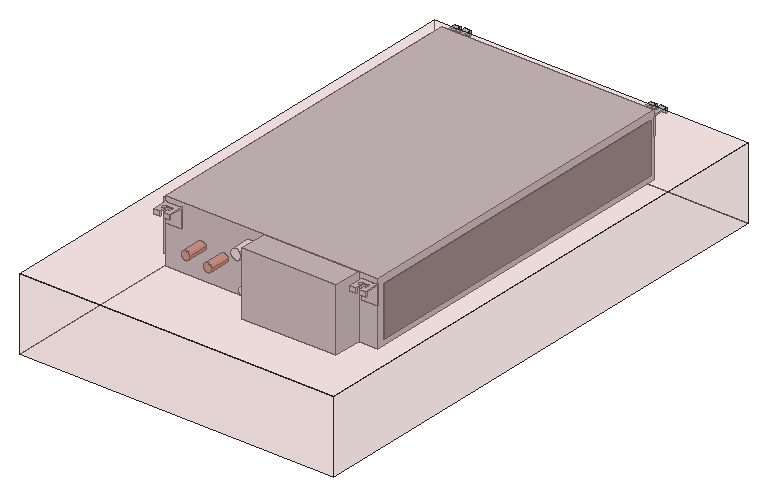
Revit family "PEFY-WP50VMS1-E_Service_Area3", category Mechanical Equipment, host Ceiling, Revit 2012
Parameters (values of type "PEFY-WP50VMS1-E_240V_60Hz")
  Description = "Ceiling concealed"
  Manufacturer = "Mitsubishi Electric Corporation"
  Model = "PEFY-WP50VMS1-E"
  Width = 1190 mm
  Water Pipe_radius (To HBC Unit) = 13.2 mm
  Water Pipe_radius (From HBC Unit) = 13.2 mm
  WarrantyStart = ""
  Voltage = 240 V
  Unit Weight (kg) = 27
  URL = "http://www.mitsubishielectric.com/"
  TagNumber = 0
  Subcategory = "HVAC"
  Space View = yes
  Sound Pressure Level_Mid (dB(A)) = 33
  Sound Pressure Level_Low (dB(A)) = 30
  Sound Pressure Level_High (dB(A)) = 36
  SerialNumber = 0
  ReplacementYear = ""
  Protection Device = "Fuse"
  Phase = 1
  Maximum Circuit Ampacity (A) = 1.07
  InstallationDate = ""
  Hertz = 60 Hz
  Height = 200 mm
  Heating Power Input (kW) = 0.07
  Heating Current (A) = 0.66
  Heating Capacity (kW) = 6.3
  Fan_Type = "Sirocco fan"
  Fan_Quantity = 4
  Fan Motor Output (kW) = 0.096
  External_static_pressure (Pa) = "5-15-35-50"
  External Finish = "Galvanized steel plate"
  Equip_description = ""
  Equip_No. = 0
  Equip_ID = ""
  Drain pipe2_radius = 16 mm
  Drain pipe1_radius = 16 mm
  Description = ""
  Depth = 700 mm
  CreatedOn = ""
  CreatedBy = ""
  Cooling Power Input (kW) = 0.09
  Cooling Current (A) = 0.77
  Cooling Capacity (kW) = 5.6
  Category = ""
  Barcode = ""
  AssetIdentifier = ""
  Airflow Rate_Mid (m3/min) = 14
  Airflow Rate_Mid (m3/h) = 840
  Airflow Rate_Low (m3/min) = 12
  Airflow Rate_Low (m3/h) = 720
  Airflow Rate_High (m3/min) = 16.5
  Airflow Rate_High (m3/h) = 990
Types (6, lengths in mm): name | Voltage | Maximum Circuit Ampacity (A) | Hertz
  PEFY-WP50VMS1-E_220V_50Hz | 220 V | 1.08 | 50 Hz
  PEFY-WP50VMS1-E_220V_60Hz | 220 V | 1.07 | 60 Hz
  PEFY-WP50VMS1-E_230V_50Hz | 230 V | 1.08 | 50 Hz
  PEFY-WP50VMS1-E_230V_60Hz | 230 V | 1.07 | 60 Hz
  PEFY-WP50VMS1-E_240V_50Hz | 240 V | 1.08 | 50 Hz
  PEFY-WP50VMS1-E_240V_60Hz | 240 V | 1.07 | 60 Hz
Reference planes
  plane 1 "Center (Front/Back)": y = 0
  plane 2: z = 0
  plane 3 "Center (Left/Right)": x = 0
  plane 4 "Ceiling": z = 4030
  plane 5: z = 4050
  plane 6: z = 4250
  plane 7: y = -550
  plane 8: y = 350
  plane 9: y = 550
  plane 10: z = 4235
  plane 11: x = 325
  plane 12: x = 350
  plane 13: x = -300
  plane 14: x = -350
  plane 15: z = 4230
  plane 16: x = -57
  plane 17: z = 4202
  plane 18: z = 4080
  plane 19: x = -211
  plane 20: x = -141
  plane 21: z = 4148
  plane 22: z = 4138
  plane 23: y = -450
  plane 24: y = -430
  plane 25: y = -530
  plane 26: y = -640
Forms (mm)
  Extrusion 1, solid, material "Plated steel"
    sketch origin (88.259, -137.375, 3750) x (1, 0, 0) y (0, 1, 0)
      loop
        line (-415.259, 687.375) -> (-415.259, -412.625) -> (261.741, -412.625) -> (261.741, 687.375) -> (-415.259, 687.375)
    from 300 to 500
  Extrusion 2, solid, material "Service space", visible <- "Space View"
    sketch origin (-2000, 6100, 4050) x (0, 1, 0) y (1, 0, 0)
      loop
        line (-7200, 1650) -> (-5550, 1650) -> (-5550, 2650) -> (-7200, 2650) -> (-7200, 1650)
    from 20 to -210
  Extrusion 3, solid
    sketch origin (0, 200, 0) x (0, 1, 0) y (0, 0, 1)
      loop
        line (-730, 4230) -> (-730, 4071) -> (330, 4071) -> (330, 4230) -> (-730, 4230)
    from 350 to 355
  Extrusion 4, solid
    sketch origin (-350, 200, 4250) x (0, 0, 1) y (0, -1, 0)
      loop
        line (-20, 730) -> (-179, 730) -> (-179, -330) -> (-20, -330) -> (-20, 730)
    from 0 to 23
  Extrusion 5, solid
    sketch origin (794.259, -550, 3750) x (-1, 0, 0) y (0, 0, -1)
      loop
        circle (851.259, -452) r 16
    from 0 to 57
  Extrusion 6, solid
    sketch origin (794.259, -550, 3750) x (-1, 0, 0) y (0, 0, -1)
      loop
        circle (851.259, -330) r 16
    from 0 to 25
  Extrusion 7, solid
    sketch origin (794.259, -550, 3750) x (-1, 0, 0) y (0, 0, -1)
      loop
        line (505.751, -500) -> (805.751, -500) -> (805.751, -300) -> (505.751, -300) -> (505.751, -500)
    from 0 to 90
  Extrusion 8, solid
    sketch origin (794.259, -550, 3750) x (-1, 0, 0) y (0, 0, -1)
      loop
        circle (1005.259, -398) r 13.2
      loop
        circle (935.259, -388) r 13.2
    from 0 to 64
Lines and regions (mm)
  model lines, visible <- "Space View"
    curve 1: line (-400, 600, 4030) -> (377, 600, 4030)
    curve 2: line (-400, -1100, 4030) -> (-400, 600, 4030)
    curve 3: line (377, -1100, 4030) -> (-400, -1100, 4030)
    curve 4: line (377, 600, 4030) -> (377, -1100, 4030)
Dimensions and locks
  equal spacing: host sketch curve, plane 3 "Center (Left/Right)", host sketch curve
  equal spacing: host sketch curve, plane 1 "Center (Front/Back)", host sketch curve
  host sketch curve to host sketch curve = 4000 mm  (x2)
  locked: plane 4 "Ceiling" to host ceiling at 0
  Extrusion 1 to Extrusion 1 = 1100 mm
  Extrusion 1 to plane 1 "Center (Front/Back)" = 550 mm
  plane 5 to Extrusion 1 = 200 mm
  plane 6 to plane 5 = 200 mm
  plane 4 "Ceiling" to plane 5 = 20 mm
  Extrusion 1 to Extrusion 1 = 677 mm
  plane 7 to plane 9 = 1100 mm
  locked: plane 10 to plane 6 at 15
  locked: plane 15 to plane 6 at 20
  locked: Extrusion 3 to plane 15 at 159
  locked: Extrusion 4 to plane 15 at 159
  plane 6 to plane 17 to plane 18 = 48 mm locked, 122 mm locked
  locked: Extrusion 7 to Extrusion 7 at 200
  plane 6 to plane 21 to plane 22 = 102 mm locked, 10 mm locked
  plane 14 to curve 4 = 727 mm
  aligned and locked: plane 5 to Extrusion 1
  aligned and locked: Extrusion 1 to plane 6
  aligned and locked: plane 7 to Extrusion 1
  aligned and locked: plane 9 to Extrusion 1
  aligned and locked: nested 1 to Extrusion 1
  aligned and locked: nested 1 to plane 13
  aligned and locked: nested 1 to plane 10
  aligned and locked: nested 2 to plane 10
  aligned and locked: plane 10 to nested 4
  aligned and locked: plane 10 to nested 3
  aligned and locked: nested 4 to plane 9
  aligned and locked: nested 3 to plane 9
  aligned and locked: Extrusion 3 to plane 15
  aligned and locked: Extrusion 4 to plane 15
  aligned and locked: plane 7 to nested 2
  aligned and locked: plane 17 to Extrusion 5
  aligned and locked: plane 18 to Extrusion 6
  aligned and locked: Extrusion 7 to plane 6
  aligned and locked: plane 21 to Extrusion 8
  aligned and locked: plane 22 to Extrusion 8
Nested families
  nested 1: "LEG" at (-300, -576, 4235), type "LEG_28"
  nested 2: "LEG" at (325, -576, 4235), type "LEG_28"
  nested 3: "LEG" at (-300, 576, 4235), type "LEG_28"
  nested 4: "LEG" at (325, 576, 4235), type "LEG_28"
Connectors
  piping at (-57, -607, 4202), driven by "Drain pipe1_radius"
    settings: on Extrusion 5, index 1, connector radius 16 mm, flow factor 0, pipe flow 0.0 L/s, pressure drop 0.0 Pa, fitting loss kfactor 0, connector angle 0.00°, fixture units 0, engagement length 0 mm, flow configuration 0, flow direction 2, fitting loss method 0, system type 22, joint type 0, gender type 0, connector reference index -1, connector utility 0, adjustable connector no, is connector primary yes, fitting loss table "", connector description "Drain pipe"
  piping at (-57, -575, 4080), driven by "Drain pipe2_radius"
    settings: on Extrusion 6, index 2, connector radius 16 mm, flow factor 0, pipe flow 0.0 L/s, pressure drop 0.0 Pa, fitting loss kfactor 0, connector angle 0.00°, fixture units 0, engagement length 0 mm, flow configuration 0, flow direction 2, fitting loss method 0, system type 22, joint type 0, gender type 0, connector reference index -1, connector utility 0, adjustable connector no, is connector primary no, fitting loss table "", connector description "Drain pipe"
  piping at (-141, -614, 4138)
    settings: on Extrusion 8, index 3, connector radius 13.2 mm, flow factor 0, pipe flow 0.0 L/s, pressure drop 0.0 Pa, fitting loss kfactor 0, connector angle 0.00°, fixture units 0, engagement length 0 mm, flow configuration 0, flow direction 1, fitting loss method 0, system type 22, joint type 0, gender type 0, connector reference index -1, connector utility 0, adjustable connector no, is connector primary no, fitting loss table "", connector description "Water pipe(From HBC unit)"
  piping at (-211, -614, 4148)
    settings: on Extrusion 8, index 4, connector radius 13.2 mm, flow factor 0, pipe flow 0.0 L/s, pressure drop 0.0 Pa, fitting loss kfactor 0, connector angle 0.00°, fixture units 0, engagement length 0 mm, flow configuration 0, flow direction 2, fitting loss method 0, system type 22, joint type 0, gender type 0, connector reference index -1, connector utility 0, adjustable connector no, is connector primary no, fitting loss table "", connector description "Water pipe(To HBC unit)"
  hvac at (355, 0, 4150.5)
    settings: on Extrusion 3, index 5, duct flow 0.0 L/s, flow factor 0, pres drop 0.0 Pa, loss coef 0, conn angle 0.00°, conn width 1060 mm, conn height 160 mm, conn radius 304.8 mm, duct sys type 1, conn prof type 1, flow config 0, flow direction 1, loss method 0, conn ref index -1, conn util no, is conn primary yes, conn desc "Air inlet"
  hvac at (-350, 0, 4150.5)
    settings: on Extrusion 4, index 6, duct flow 0.0 L/s, flow factor 0, pres drop 0.0 Pa, loss coef 0, conn angle 0.00°, conn width 1060 mm, conn height 150 mm, conn radius 304.8 mm, duct sys type 3, conn prof type 1, flow config 0, flow direction 2, loss method 0, conn ref index -1, conn util no, is conn primary no, conn desc "Air outlet"
  electrical at (288.508, -595, 4150), driven by "Phase", driven by "Voltage"
    settings: on Extrusion 7, index 7, voltage 240 V, apparent load 0 VA, apparent load phase1 0 VA, apparent load phase2 0 VA, apparent load phase3 0 VA, power factor 1, load classification "Other", number of poles 1, system type 30, power factor state 1, is connector primary yes, connector utility no, sub classification motor no, connector description ""
Definition of nested family "LEG"
  Parameters (values of type "LEG_28")
    product distance = 28 mm
  Reference planes
    plane 1 "中心(正面/背面)": y = 0
    plane 2: z = 0
    plane 3 "中心(左/右)": x = 0
    plane 4: x = -25
    plane 5: x = 25
    plane 6: y = -23
    plane 7: y = 28
    plane 8: x = -8
    plane 9: x = 8
    plane 10: x = -6
    plane 11: x = 6
  Forms (mm)
    Extrusion 1, solid, material "Plated steel"
      sketch origin (0, 0, 0) x (1, 0, 0) y (0, 1, 0)
        loop
          line (-25, 26) -> (-25, -23) -> (25, -23) -> (25, 26) -> (-25, 26)
      from 0 to -60
    Extrusion 2, void
      sketch origin (0, 0, 0) x (0, 1, 0) y (0, 0, 1)
        loop
          line (-20.7, -2.3) -> (-20.7, -15) -> (-23, -15) -> (-23, -60) -> (24, -60) -> (24, -2.3) -> (-20.7, -2.3)
      from -25 to 25
    Extrusion 3, void
      sketch origin (0, 0, 0) x (1, 0, 0) y (0, 1, 0)
        loop
          arc (-8, 7) -> (-15, 0) -> (-8, -7) r 7
          line (-8, -7) -> (-6, -7) -> (-6, -23) -> (6, -23) -> (6, -7) -> (8, -7)
          arc (8, -7) -> (15, 0) -> (8, 7) r 7
          line (8, 7) -> (-8, 7)
      from 0 to -60
  Cuts and joins
    Extrusion 2, Extrusion 3 cuts Extrusion 1
  Dimensions and locks
    locked: Extrusion 1 sketch curve to Extrusion 1 sketch curve at 50
    equal spacing: Extrusion 1 sketch curve, plane 3 "中心(左/右)", Extrusion 1 sketch curve
    locked: plane 6 to plane 1 "中心(正面/背面)" at 23
    "product distance": plane 1 "中心(正面/背面)" to plane 7
    plane 7 to Extrusion 2 sketch curve = 4 mm
    locked: cut or joined group of Extrusion 1, Extrusion 2, Extrusion 3 to cut or joined group of Extrusion 1, Extrusion 2, Extrusion 3 at 2.3  (x2)
    aligned and locked: level to plane 2
    aligned and locked: Extrusion 2 to Extrusion 1
    aligned and locked: Extrusion 1 to Extrusion 2
    aligned and locked: Extrusion 2 sketch curve to cut or joined group of Extrusion 1, Extrusion 2, Extrusion 3  (x2)
    aligned and locked: cut or joined group of Extrusion 1, Extrusion 2, Extrusion 3 to Extrusion 3 sketch curve
    aligned and locked: plane 6 to Extrusion 1 sketch curve
  Automatic sketch dimensions
    Extrusion 2 sketch curve to plane 6 = 2.3 mm
    Extrusion 2 sketch curve to level = 15 mm
    Extrusion 2 sketch curve to level = 2.3 mm
    plane 1 "中心(正面/背面)" to Extrusion 3 sketch curve = 0 mm  (x2)
    Extrusion 3 sketch curve to plane 8 = 0 mm
    Extrusion 3 sketch curve to plane 10 = 0 mm
    Extrusion 3 sketch curve to plane 11 = 0 mm
    Extrusion 3 sketch curve to plane 9 = 0 mm  (x2)
    plane 1 "中心(正面/背面)" to Extrusion 3 sketch curve = 7 mm
    plane 7 to Extrusion 1 sketch curve = 2 mm
